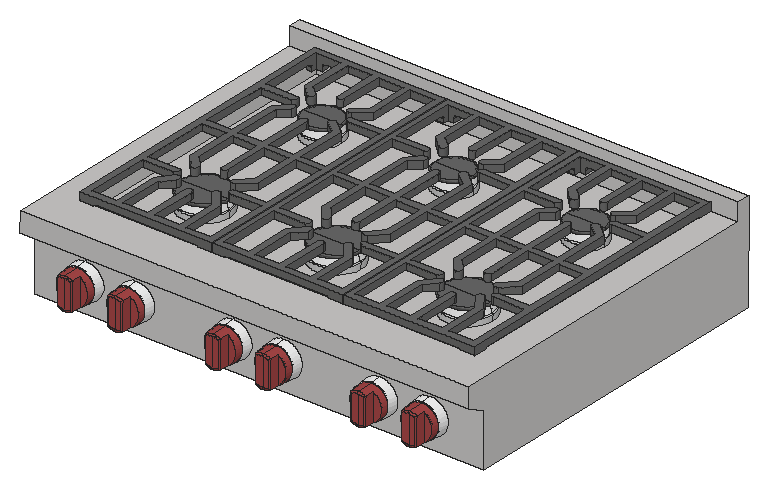
Revit family "M_Fogão de acendimento frontal-900 mm", category Equipamento especial, Revit 2019
Family settings
  Cota do conector redondo = Utilizar diâmetro
  Tipo de parte = Normal
  Número OmniClass = 23.40.40.14
  Título OmniClass = Food Service Equipment
  Com base no plano de trabalho = Não
  Sempre na vertical = Sim
  Corte com vazios quando carregada = Não
  Compartilhado = Não
  Ponto de cálculo do ambiente = Não
Parameters (values of type "Queimadores")
  Largura = 900 mm
  Deslocamento de parede = 0 mm
  Voltagem = 120 V
  Type Comments = ""
  Acabamento da moldura = Eletrodoméstico – Cromado
  Mostrar legenda = yes
  Consumo de energia = 500 VA
  Legenda = "Acendimento frontal"
  Deslocamento do botão = if((Queimadores centrais), 50 mm, 0 mm)  # 50 mm
  Botão = Eletrodoméstico – Plástico – Vermelho
  Altura = 200 mm
  Chapa = Eletrodoméstico – Aço inoxidável – Escovado
  Largura da grelha = (Largura - 108 mm) / 3  # 264 mm
  Profundidade da grelha = Linear - 109.438 mm  # 590.562 mm
  Descrição = "Acendimento frontal"
  Linear = 700 mm
  Grelha central = M_Superfície do fogão : M_Queimadores
  Queimadores centrais = yes
  Queimador = Eletrodoméstico – Tampa do queimador
  Código de montagem = "E1090320"
  Acabamento do eletrodoméstico = Eletrodoméstico – Aço inoxidável – Semipolido
  Amperagem = Consumo de energia / Voltagem  # 4.16667 A
Types (3, lengths in mm): name | Deslocamento do botão | Profundidade da grelha | Linear | Grelha central | Queimadores centrais
  Queimadores | 50 | 590.562 | 700 | M_Superfície do fogão : M_Queimadores | yes
  Chapa | 0 | 590.55 | 699.988 | M_Superfície do fogão : M_Chapa | no
  Grelhador | 0 | 590.562 | 700 | M_Superfície do fogão : M_Grelhador | no
Reference planes
  plane 1 "Parte posterior": y = 0
  plane 2: z = 0
  plane 3 "Centro (Esquerda/Direita)": x = 0
  plane 4 "Esquerda": x = -450
  plane 5 "Direita": x = 450
  plane 6: y = 0
  plane 7 "Aresta": y = -700
  plane 8 "Traseira da porta": y = -616
  plane 9 "Superior": z = 200
  plane 10 "Queimador": z = 165
  plane 11 "Botões": z = 59.431
  plane 12 "Face da porta": y = -664
  plane 13 "Rodas": y = -120
  plane 14: x = 394.438
  plane 15 "3": x = -397.612
  plane 16: x = -450
  plane 17: x = -50
  plane 18: x = -346.812
  plane 19: x = -245.212
  plane 20: x = 343.638
  plane 21: x = 242.038
  plane 22: z = 133.06
  plane 23: x = -450
  plane 24: x = 0
  plane 25: y = -954
  plane 26 "1": x = -133.596
  plane 27 "2": x = 130.421
  plane 28: y = -63.5
  plane 29: x = 335.7
  plane 30: x = 272.2
Forms (mm)
  Extrusion 1, void
    sketch origin (0, 0, 200) x (-1, 0, 0) y (0, -1, 0)
      loop
        line (397.612, 25.4) -> (397.612, 616) -> (-394.438, 616) -> (-394.438, 25.4) -> (397.612, 25.4)
    from 0 to -66.94
  Extrusion 2, solid, material "Eletrodoméstico – Aço inoxidável – Semipolido" <- "Acabamento do eletrodoméstico"
    sketch origin (0, 0, 0) x (0, 1, 0) y (0, 0, 1)
      loop
        line (-25.4, 200) -> (-25.4, 165) -> (-700, 165) -> (-700, 125) -> (-664, 105) -> (-664, 0) -> (0, 0) -> (0, 200) -> (-25.4, 200)
    from -450 to 450
Cuts and joins
  Extrusion 1 cuts Extrusion 2
Lines and regions (mm)
  Split face 1
    outline origin (450, 0, 0) x (-1, 0, 0) y (0, 0, 1)
      loop
        circle (144.729, 120) r 12.7
  Split face 2
    outline origin (450, 0, 0) x (-1, 0, 0) y (0, 0, 1)
      loop
        circle (233.045, 120) r 12.7
  Split face 3
    outline origin (450, -664, 0) x (0, 1, 0) y (-1, 0, 0)
      loop
        circle (600.5, 106.362) r 6.35
  Split face 4
    outline origin (450, -664, 0) x (0, 1, 0) y (-1, 0, 0)
      loop
        circle (600.5, 177.8) r 6.35
Dimensions and locks
  equal spacing: plane 4 "Esquerda", plane 3 "Centro (Esquerda/Direita)", plane 5 "Direita"
  "Largura": plane 4 "Esquerda" to plane 5 "Direita"
  "Linear": plane 6 to plane 7 "Aresta"
  "Deslocamento de parede": plane 1 "Parte posterior" to plane 6
  locked: plane 8 "Traseira da porta" to plane 7 "Aresta" at 84
  locked: plane 9 "Superior" to plane 10 "Queimador" at 35
  locked: plane 10 "Queimador" to plane 11 "Botões" at 105.569
  locked: plane 6 to Extrusion 2 sketch curve at 25.4
  plane 6 to Extrusion 1 sketch curve = 25.4 mm
  locked: plane 7 "Aresta" to plane 12 "Face da porta" at 36
  plane 6 to plane 13 "Rodas" = 120 mm
  locked: plane 14 to plane 5 "Direita" at 55.562
  plane 4 "Esquerda" to plane 15 "3" = 52.388 mm
  "Largura": plane 5 "Direita" to plane 16
  plane 15 "3" to plane 17 to plane 14 = 347.612 mm, 444.438 mm
  locked: plane 9 "Superior" to plane 22 at 66.94
  equal spacing: plane 4 "Esquerda", plane 23, plane 16
  equal spacing: plane 16, plane 24, plane 5 "Direita"
  locked: plane 7 "Aresta" to plane 25 at 254
  plane 15 "3" to plane 26 "1" to plane 14 = 264.017 mm, 528.033 mm  (x2)
  plane 18 to plane 19 = 101.6 mm
  equal spacing: plane 15 "3", plane 26 "1", plane 27 "2", plane 14
  locked: plane 23 to plane 15 "3" at 52.388
  "Altura": plane 9 "Superior" to plane 2
  plane 19 to plane 18 to plane 15 "3" = 101.6 mm locked, 50.8 mm locked
  plane 14 to plane 20 to plane 21 = 50.8 mm locked, 101.6 mm locked
  "Deslocamento do botão": plane 3 "Centro (Esquerda/Direita)" to plane 17
  locked: nested 3 to plane 3 "Centro (Esquerda/Direita)" at 50.8
  locked: plane 6 to plane 28 at 63.5
  locked: plane 29 to plane 5 "Direita" at 114.3
  locked: plane 30 to plane 29 at 63.5
  radius of Split face 3 sketch curve = 6.35 mm
  radius of Split face 4 sketch curve = 6.35 mm
  aligned and locked: plane 2 to level
  aligned and locked: plane 9 "Superior" to Extrusion 2 sketch curve
  aligned and locked: plane 5 "Direita" to Extrusion 2
  aligned and locked: Extrusion 2 to plane 4 "Esquerda"
  aligned and locked: Extrusion 2 sketch curve to plane 12 "Face da porta"
  aligned and locked: plane 7 "Aresta" to Extrusion 2 sketch curve
  aligned and locked: plane 10 "Queimador" to Extrusion 2 sketch curve
  aligned and locked: Extrusion 2 sketch curve to plane 6
  aligned and locked: plane 12 "Face da porta" to nested 2
  aligned and locked: plane 12 "Face da porta" to nested 3
  aligned and locked: plane 12 "Face da porta" to nested 4
  aligned and locked: nested 2 to plane 11 "Botões"
  aligned and locked: nested 3 to plane 11 "Botões"
  aligned and locked: nested 4 to plane 11 "Botões"
  aligned and locked: plane 12 "Face da porta" to nested 5
  aligned and locked: nested 5 to plane 11 "Botões"
  aligned and locked: plane 15 "3" to Extrusion 1 sketch curve
  aligned and locked: Extrusion 1 sketch curve to plane 14
  aligned and locked: nested 6 to plane 8 "Traseira da porta"
  aligned and locked: nested 7 to plane 11 "Botões"
  aligned and locked: nested 8 to plane 11 "Botões"
  aligned and locked: nested 8 to plane 12 "Face da porta"
  aligned and locked: nested 7 to plane 12 "Face da porta"
  aligned and locked: plane 18 to nested 5
  aligned and locked: plane 19 to nested 4
  aligned and locked: plane 20 to nested 7
  aligned and locked: plane 21 to nested 2
  aligned and locked: plane 22 to nested 6
  aligned and locked: nested 1 to plane 25
  aligned and locked: nested 6 to plane 15 "3"
  aligned and locked: plane 26 "1" to nested 9
  aligned and locked: plane 27 "2" to nested 10
  aligned and locked: plane 8 "Traseira da porta" to nested 9
  aligned and locked: plane 8 "Traseira da porta" to nested 10
  aligned and locked: plane 22 to nested 9
  aligned and locked: plane 22 to nested 10
  aligned and locked: plane 3 "Centro (Esquerda/Direita)" to nested 1
  aligned and locked: cut or joined group of Extrusion 1, Extrusion 2 to plane 2
  aligned and locked: plane 17 to nested 8
Automatic sketch dimensions
  Extrusion 1 sketch curve to plane 8 "Traseira da porta" = 0 mm
  Extrusion 2 sketch curve to plane 10 "Queimador" = 60 mm
  Extrusion 2 sketch curve to Extrusion 2 sketch curve = 40 mm
  Split face 1 sketch curve to cut or joined group of Extrusion 1, Extrusion 2 = 144.729 mm
  Split face 1 sketch curve to cut or joined group of Extrusion 1, Extrusion 2 = 120 mm
  Split face 2 sketch curve to cut or joined group of Extrusion 1, Extrusion 2 = 233.045 mm
  Split face 2 sketch curve to cut or joined group of Extrusion 1, Extrusion 2 = 120 mm
  level to Extrusion 2 sketch curve = 0 mm
  Split face 3 sketch curve to cut or joined group of Extrusion 1, Extrusion 2 = 63.5 mm
  Split face 3 sketch curve to cut or joined group of Extrusion 1, Extrusion 2 = 106.362 mm
  Split face 4 sketch curve to cut or joined group of Extrusion 1, Extrusion 2 = 63.5 mm
  Split face 4 sketch curve to cut or joined group of Extrusion 1, Extrusion 2 = 177.8 mm
  radius of Split face 1 sketch curve = 12.7 mm
  radius of Split face 2 sketch curve = 12.7 mm
Nested families
  nested 1: "Anotação de legenda de 2,5" at (0, -954, 0), visible <- "Mostrar legenda", type "Anotação de legenda de 2,5"
  nested 2: "M_Botão" at (242.038, -664, 59.431), type "M_Botão", detail levels medium+fine
  nested 3: "M_Botão" at (50.8, -664, 59.431), visible <- "Queimadores centrais", type "M_Botão", detail levels medium+fine
  nested 4: "M_Botão" at (-245.212, -664, 59.431), type "M_Botão", detail levels medium+fine
  nested 5: "M_Botão" at (-346.812, -664, 59.431), type "M_Botão", detail levels medium+fine
  nested 6: "M_Superfície do fogão" at (-265.444, -320.719, 133.06), type "M_Queimadores"
    with Mostrar grelha yes, Mostrar base no, Tem grelhador no, Extensão direita da chapa 3 mm, Extensão esquerda da chapa 3 mm, Profundidade da grelha 590.562 mm, Tem queimadores yes, Mostrar queimadores yes
  nested 7: "M_Botão" at (343.638, -664, 59.431), type "M_Botão", detail levels medium+fine
  nested 8: "M_Botão" at (-50, -664, 59.431), type "M_Botão", detail levels medium+fine
  nested 9: "M_Superfície do fogão" at (-1.427, -320.719, 133.06), type <- "Grelha central", type "M_Queimadores"
    with Mostrar grelha yes, Mostrar base no, Tem grelhador no, Extensão direita da chapa 3 mm, Extensão esquerda da chapa 3 mm, Profundidade da grelha 590.562 mm, Tem queimadores yes, Mostrar queimadores yes
  nested 10: "M_Superfície do fogão" at (262.59, -320.719, 133.06), type "M_Queimadores"
    with Mostrar grelha yes, Mostrar base no, Tem grelhador no, Extensão direita da chapa 3 mm, Extensão esquerda da chapa 3 mm, Profundidade da grelha 590.562 mm, Tem queimadores yes, Mostrar queimadores yes
Connectors
  electrical at (343.638, -63.5, 0), driven by "Voltagem", driven by "Consumo de energia"
    settings: on cut or joined group of Extrusion 1, Extrusion 2, index 1, voltage 120 V, apparent load 500 VA, apparent load phase1 0 VA, apparent load phase2 0 VA, apparent load phase3 0 VA, power factor 1, load classification "Eletrodoméstico", number of poles 1, system type 30, power factor state 1, is connector primary yes, connector utility no, sub classification motor no, connector description "Potência do fogão de acendimento frontal"
  piping at (272.2, -63.5, 0), diameter 12.7
    settings: on cut or joined group of Extrusion 1, Extrusion 2, index 2, connector inside diameter 609.6 mm, connector length 0 mm, flow factor 0, pipe flow 0.0 L/s, pressure drop 0.0 Pa, fitting loss kfactor 0, connector angle 0.00°, fixture units 0, engagement length 0 mm, angle of deflection 0.00°, flow configuration 1, flow direction 1, fitting loss method 0, system type 22, joint type 0, gender type 0, connector reference index -1, connector utility 0, adjustable connector no, is connector primary yes, connector description "Fogão a gás de acendimento frontal"
Definition of nested family "M_Botão"
  Parameters (values of type "Botão")
    Material = none
    Material da moldura = none
  Reference planes
    plane 1 "Centro (Frente/Trás)": y = 0
    plane 2: z = 0
    plane 3 "Centro (Esquerda/Direita)": x = 0
    plane 4: y = -35
    plane 5: y = -55
  Forms (mm)
    Revolve 1, solid, material <- "Material"
      sketch origin (0, 0, 0) x (0, 1, 0) y (0, 0, 1)
        loop
          line (0, 35) -> (-20, 33) -> (-20, 32) -> (-52.687, 31.066)
          arc (-52.687, 31.066) -> (-54.326, 30.345) -> (-55, 28.686) r 2.381
          line (-55, 28.686) -> (-55, 0) -> (0, 0) -> (0, 35)
        axis (0, 0) -> (-55, 0)
      angle from 0 to 360
    Extrusion 2, void
      sketch origin (0, 0, 0) x (1, 0, 0) y (0, 1, 0)
        loop
          line (31.571, -35) -> (15, -35) -> (15, -52.619)
          arc (15, -52.619) -> (14.303, -54.303) -> (12.619, -55) r 2.381
          line (12.619, -55) -> (31.571, -55) -> (31.571, -35)
        loop
          line (-31.571, -35) -> (-31.571, -55) -> (-12.619, -55)
          arc (-12.619, -55) -> (-14.303, -54.303) -> (-15, -52.619) r 2.381
          line (-15, -52.619) -> (-15, -35) -> (-31.571, -35)
      from -34.753 to 36.709
  Cuts and joins
    Extrusion 2 cuts Revolve 1
  Dimensions and locks
    plane 5 to plane 4 to plane 1 "Centro (Frente/Trás)" = 20 mm locked, 35 mm locked
    aligned and locked: plane 2 to level
    aligned and locked: Revolve 1 sketch curve to level
    aligned and locked: plane 4 to Extrusion 2 sketch curve
    aligned and locked: Extrusion 2 sketch curve to plane 5
Definition of nested family "M_Superfície do fogão"
  Parameters (values of type "Grelhador")
    Mostrar grelha = no
    Mostrar base = yes
    Tem grelhador = yes
    Tem chapa = no
    Extensão direita da chapa = 30 mm
    Extensão esquerda da chapa = 20 mm
    Chapa = none
    Largura da grelha = 264 mm
    Espessura da grelha = 12.5 mm
    Profundidade da grelha = 590 mm
    Grelha = none
    Queimador = none
    Tem queimadores = no
    Mostrar queimadores = no
  Types (3, lengths in mm): name | Mostrar grelha | Mostrar base | Tem grelhador | Tem chapa | Extensão direita da chapa | Extensão esquerda da chapa | Espessura da grelha | Tem queimadores | Mostrar queimadores
    Queimadores | yes | no | no | no | 3 | 3 | 12.5 | yes | yes
    Grelhador | no | yes | yes | no | 30 | 20 | 12.5 | no | no
    Chapa | no | no | no | yes | 3 | 3 | 14.484 | no | no
  Reference planes
    plane 1 "Centro (Frente/Trás)": y = 0
    plane 2 "Inferior": z = 0
    plane 3 "Centro (Esquerda/Direita)": x = -0.169
    plane 4 "Queimador T.O.": z = 34.091
    plane 5 "Queimador posterior": y = 147.5
    plane 6 "Queimador frontal": y = -147.5
    plane 7: z = 61.94
    plane 8 "Grelha B.O.": z = 0
    plane 9 "Painel T.O.": z = 19.5
    plane 10 "Parte posterior": y = 295
    plane 11 "Parte frontal": y = -295
    plane 12 "Esquerda": x = -132.169
    plane 13 "Direita": x = 131.831
    plane 14 "Parte inferior da superfície": z = 47.709
    plane 15: x = -69.344
    plane 16: x = 56.306
    plane 17: x = 119.131
    plane 18: x = -119.469
    plane 19: y = 280.712
    plane 20: y = 153.85
    plane 21: y = 6.35
    plane 22: y = -6.35
    plane 23: y = -280.712
    plane 24: x = -56.644
    plane 25: x = 69.006
    plane 26: x = -6.916
    plane 27: x = 6.181
    plane 28: y = 141.15
    plane 29: y = -141.15
    plane 30: y = -153.85
    plane 31: x = -112.169
    plane 32: x = 101.831
  Forms (mm)
    Extrusion 1, void
      sketch origin (433.841, 349.972, -848.839) x (1, 0, 0) y (0, 0, 1)
        loop
          arc (-327.41, 876.58) -> (-329.27, 881.07) -> (-333.76, 882.93) r 6.35
          line (-333.76, 882.93) -> (-534.26, 882.93)
          arc (-534.26, 882.93) -> (-538.75, 881.07) -> (-540.61, 876.58) r 6.35
          line (-540.61, 876.58) -> (-540.61, 868.339) -> (-327.41, 868.339) -> (-327.41, 876.58)
      from 54.697 to 694.851
    Extrusion 2, void
      sketch origin (433.841, 349.972, -848.839) x (0, 1, 0) y (0, 0, 1)
        loop
          arc (-80.372, 876.58) -> (-82.232, 881.07) -> (-86.722, 882.93) r 6.35
          line (-86.722, 882.93) -> (-613.222, 882.93)
          arc (-613.222, 882.93) -> (-617.712, 881.07) -> (-619.572, 876.58) r 6.35
          line (-619.572, 876.58) -> (-619.572, 868.339) -> (-80.372, 868.339) -> (-80.372, 876.58)
      from -566.01 to -302.01
    Revolve 3, solid, material <- "Queimador", visible <- "Mostrar queimadores"
      sketch origin (1.587, 147.5, -848.839) x (1, 0, 0) y (0, 0, 1)
        loop
          line (-1.756, 848.839) -> (-1.756, 882.247) -> (-39.029, 882.247)
          arc (-39.029, 882.247) -> (-40.942, 880.334) -> (-39.029, 878.422) r 1.913
          line (-39.029, 878.422) -> (-36.225, 878.422) -> (-38.898, 862.695) -> (-40.825, 860.127) -> (-40.825, 848.839) -> (-1.756, 848.839)
        axis (-1.756, 882.247) -> (-1.756, 848.839)
      angle from 0 to 360
    Revolve 4, solid, material <- "Queimador", visible <- "Mostrar queimadores"
      sketch origin (0, -147.5, -848.839) x (1, 0, 0) y (0, 0, 1)
        loop
          line (-0.169, 848.839) -> (-0.169, 882.247) -> (-48.158, 882.247)
          arc (-48.158, 882.247) -> (-50.07, 880.334) -> (-48.158, 878.422) r 1.913
          line (-48.158, 878.422) -> (-45.353, 878.422) -> (-48.026, 862.695) -> (-49.953, 860.127) -> (-49.953, 848.839) -> (-0.169, 848.839)
        axis (-0.169, 882.247) -> (-0.169, 848.839)
      angle from 0 to 360
    Extrusion 5, solid, material <- "Grelha", visible <- "Mostrar base", detail levels medium+fine
      sketch origin (0, 0, 19.5) x (-1, 0, 0) y (0, -1, 0)
        loop
          line (132.169, -295) -> (132.169, 295) -> (-131.831, 295) -> (-131.831, -295) -> (132.169, -295)
        loop
          line (111.335, -274.166) -> (111.335, 274.166) -> (-111.194, 274.166) -> (-111.194, -274.166) -> (111.335, -274.166)
      from 0 to 28.209
    Extrusion 6, solid, material <- "Grelha", visible <- "Tem grelhador"
      sketch origin (0, 0, 0) x (1, 0, 0) y (0, 0, 1)
        loop
          line (-132.169, 47.709) -> (-121.329, 47.709) -> (-121.329, 57.45) -> (-125.819, 61.94) -> (-132.169, 61.94) -> (-132.169, 47.709)
        loop
          line (3.712, 47.709) -> (3.712, 61.94) -> (-4.05, 61.94) -> (-4.05, 47.709) -> (3.712, 47.709)
        loop
          line (-11.812, 47.709) -> (-11.812, 61.94) -> (-19.575, 61.94) -> (-19.575, 47.709) -> (-11.812, 47.709)
        loop
          line (-27.337, 47.709) -> (-27.337, 61.94) -> (-35.099, 61.94) -> (-35.099, 47.709) -> (-27.337, 47.709)
        loop
          line (-42.862, 47.709) -> (-42.862, 61.94) -> (-50.624, 61.94) -> (-50.624, 47.709) -> (-42.862, 47.709)
        loop
          line (-58.386, 47.709) -> (-58.386, 61.94) -> (-66.148, 61.94) -> (-66.148, 47.709) -> (-58.386, 47.709)
        loop
          line (-73.911, 47.709) -> (-73.911, 61.94) -> (-81.673, 61.94) -> (-81.673, 47.709) -> (-73.911, 47.709)
        loop
          line (-89.435, 47.709) -> (-89.435, 61.94) -> (-97.198, 61.94) -> (-97.198, 47.709) -> (-89.435, 47.709)
        loop
          line (-104.96, 47.709) -> (-104.96, 61.94) -> (-112.722, 61.94) -> (-112.722, 47.709) -> (-104.96, 47.709)
        loop
          line (131.831, 47.709) -> (131.831, 61.94) -> (125.481, 61.94) -> (120.991, 57.45) -> (120.991, 47.709) -> (131.831, 47.709)
        loop
          line (11.474, 47.709) -> (19.237, 47.709) -> (19.237, 61.94) -> (11.474, 61.94) -> (11.474, 47.709)
        loop
          line (26.999, 47.709) -> (34.761, 47.709) -> (34.761, 61.94) -> (26.999, 61.94) -> (26.999, 47.709)
        loop
          line (42.524, 47.709) -> (50.286, 47.709) -> (50.286, 61.94) -> (42.524, 61.94) -> (42.524, 47.709)
        loop
          line (58.048, 47.709) -> (65.81, 47.709) -> (65.81, 61.94) -> (58.048, 61.94) -> (58.048, 47.709)
        loop
          line (73.573, 47.709) -> (81.335, 47.709) -> (81.335, 61.94) -> (73.573, 61.94) -> (73.573, 47.709)
        loop
          line (89.097, 47.709) -> (96.86, 47.709) -> (96.86, 61.94) -> (89.097, 61.94) -> (89.097, 47.709)
        loop
          line (104.622, 47.709) -> (112.384, 47.709) -> (112.384, 61.94) -> (104.622, 61.94) -> (104.622, 47.709)
      from -295 to 295
    Extrusion 7, solid, material <- "Chapa", visible <- "Tem chapa"
      sketch origin (0, 0, 19.5) x (-1, 0, 0) y (0, -1, 0)
        loop
          line (132.169, -295) -> (132.169, 295) -> (-131.831, 295) -> (-131.831, -295) -> (132.169, -295)
      from 0 to 42.44
    Extrusion 8, void
      sketch origin (-0.169, 0, 0) x (0, 1, 0) y (0, 0, 1)
        loop
          line (291.825, 61.94) -> (-291.825, 61.94) -> (-291.825, 34.091) -> (-247.375, 34.091) -> (-247.375, 47.709) -> (291.825, 47.709) -> (291.825, 61.94)
      from -112 to 102
    Extrusion 9, solid, material <- "Grelha", visible <- "Mostrar grelha", detail levels fine
      sketch origin (0, 0, 19.5) x (-1, 0, 0) y (0, -1, 0)
        loop
          line (132.169, -295) -> (132.169, 295) -> (-131.831, 295) -> (-131.831, -295) -> (132.169, -295)
        loop
          line (119.469, -280.712) -> (119.469, -153.85) -> (56.644, -153.85)
          arc (56.644, -153.85) -> (50.294, -147.5) -> (56.644, -141.15) r 6.35
          line (56.644, -141.15) -> (119.469, -141.15) -> (119.469, -6.35) -> (69.344, -6.35) -> (69.344, -106.029) -> (47.166, -127.936)
          arc (47.166, -127.936) -> (37.063, -127.936) -> (37.063, -117.833) r 7.144
          line (37.063, -117.833) -> (56.644, -100.11) -> (56.644, -6.35) -> (6.916, -6.35) -> (6.916, -100.995)
          arc (6.916, -100.995) -> (0.367, -107.544) -> (-6.181, -100.995) r 6.548
          line (-6.181, -100.995) -> (-6.181, -6.35) -> (-56.306, -6.35) -> (-56.306, -100.11) -> (-33.55, -117.833)
          arc (-33.55, -117.833) -> (-33.55, -127.936) -> (-43.653, -127.936) r 7.144
          line (-43.653, -127.936) -> (-69.006, -106.029) -> (-69.006, -6.35) -> (-119.327, -6.35) -> (-119.327, -141.15) -> (-56.306, -141.15)
          arc (-56.306, -141.15) -> (-49.956, -147.5) -> (-56.306, -153.85) r 6.35
          line (-56.306, -153.85) -> (-119.327, -153.85) -> (-119.327, -280.712) -> (-69.006, -280.712) -> (-69.006, -188.971) -> (-43.653, -167.064)
          arc (-43.653, -167.064) -> (-33.55, -167.064) -> (-33.55, -177.167) r 7.144
          line (-33.55, -177.167) -> (-56.306, -194.89) -> (-56.306, -280.712) -> (-6.181, -280.712) -> (-6.181, -194.005)
          arc (-6.181, -194.005) -> (0.367, -187.456) -> (6.916, -194.005) r 6.548
          line (6.916, -194.005) -> (6.916, -280.712) -> (56.644, -280.712) -> (56.644, -194.89) -> (37.063, -177.167)
          arc (37.063, -177.167) -> (37.063, -167.064) -> (47.166, -167.064) r 7.144
          line (47.166, -167.064) -> (69.344, -188.971) -> (69.344, -280.712) -> (119.469, -280.712)
        loop
          line (119.469, 280.909) -> (69.344, 280.909) -> (69.344, 187.698) -> (47.166, 160.757)
          arc (47.166, 160.757) -> (37.063, 160.757) -> (37.063, 170.86) r 7.144
          line (37.063, 170.86) -> (56.644, 193.616) -> (56.644, 280.909) -> (6.916, 280.909) -> (6.916, 187.698)
          arc (6.916, 187.698) -> (0.367, 181.149) -> (-6.181, 187.698) r 6.548
          line (-6.181, 187.698) -> (-6.181, 280.909) -> (-56.306, 280.909) -> (-56.306, 199.652) -> (-33.55, 170.86)
          arc (-33.55, 170.86) -> (-33.55, 160.757) -> (-43.653, 160.757) r 7.144
          line (-43.653, 160.757) -> (-69.006, 193.734) -> (-69.006, 280.909) -> (-119.327, 280.909) -> (-119.327, 153.85) -> (-56.306, 153.85)
          arc (-56.306, 153.85) -> (-49.956, 147.5) -> (-56.306, 141.15) r 6.35
          line (-56.306, 141.15) -> (-119.327, 141.15) -> (-119.327, 6.35) -> (-69.006, 6.35) -> (-69.006, 97.576) -> (-43.653, 124.516)
          arc (-43.653, 124.516) -> (-33.55, 124.516) -> (-33.55, 114.414) r 7.144
          line (-33.55, 114.414) -> (-56.306, 91.658) -> (-56.306, 6.35) -> (-6.181, 6.35) -> (-6.181, 96.829)
          arc (-6.181, 96.829) -> (0.367, 103.378) -> (6.916, 96.829) r 6.548
          line (6.916, 96.829) -> (6.916, 6.35) -> (56.644, 6.35) -> (56.644, 91.658) -> (37.063, 114.414)
          arc (37.063, 114.414) -> (37.063, 124.516) -> (47.166, 124.516) r 7.144
          line (47.166, 124.516) -> (69.344, 97.576) -> (69.344, 6.35) -> (119.469, 6.35) -> (119.469, 141.15) -> (56.644, 141.15)
          arc (56.644, 141.15) -> (50.294, 147.5) -> (56.644, 153.85) r 6.35
          line (56.644, 153.85) -> (119.469, 153.85) -> (119.469, 280.909)
      from 0 to 28.209
  Cuts and joins
    Extrusion 1, Extrusion 2, Extrusion 8 cuts Extrusion 5
    Extrusion 8 cuts Extrusion 7
    Extrusion 1, Extrusion 2 cuts Extrusion 9
  Dimensions and locks
    equal spacing: plane 10 "Parte posterior", plane 5 "Queimador posterior", plane 1 "Centro (Frente/Trás)", plane 6 "Queimador frontal", plane 11 "Parte frontal"
    "Profundidade da grelha": plane 10 "Parte posterior" to plane 11 "Parte frontal"
    equal spacing: plane 12 "Esquerda", plane 3 "Centro (Esquerda/Direita)", plane 13 "Direita"
    "Largura da grelha": plane 12 "Esquerda" to plane 13 "Direita"
    locked: plane 7 to plane 14 "Parte inferior da superfície" at 14.231
    locked: Extrusion 5 sketch curve to plane 11 "Parte frontal" at 20.834
    locked: plane 10 "Parte posterior" to Extrusion 5 sketch curve at 20.834
    locked: Extrusion 5 sketch curve to plane 13 "Direita" at 20.637
    locked: plane 12 "Esquerda" to Extrusion 5 sketch curve at 20.834
    locked: plane 12 "Esquerda" to Extrusion 6 sketch curve at 19.447
    locked: Extrusion 6 sketch curve to plane 13 "Direita" at 19.447
    equal spacing: Extrusion 6 sketch curve, Extrusion 6 sketch curve, Extrusion 6 sketch curve, Extrusion 6 sketch curve, Extrusion 6 sketch curve, Extrusion 6 sketch curve, Extrusion 6 sketch curve, Extrusion 6 sketch curve, Extrusion 6 sketch curve, Extrusion 6 sketch curve, Extrusion 6 sketch curve, Extrusion 6 sketch curve, Extrusion 6 sketch curve, Extrusion 6 sketch curve, Extrusion 6 sketch curve, Extrusion 6 sketch curve, Extrusion 6 sketch curve, Extrusion 6 sketch curve, Extrusion 6 sketch curve, Extrusion 6 sketch curve, Extrusion 6 sketch curve, Extrusion 6 sketch curve, Extrusion 6 sketch curve, Extrusion 6 sketch curve, Extrusion 6 sketch curve, Extrusion 6 sketch curve, Extrusion 6 sketch curve, Extrusion 6 sketch curve, Extrusion 6 sketch curve, Extrusion 6 sketch curve
    locked: plane 10 "Parte posterior" to Extrusion 8 sketch curve at 3.175
    locked: Extrusion 8 sketch curve to plane 11 "Parte frontal" at 3.175
    plane 12 "Esquerda" to cut or joined group of Extrusion 7, Extrusion 8 = 20 mm
    cut or joined group of Extrusion 7, Extrusion 8 to plane 13 "Direita" = 30 mm
    locked: plane 15 to plane 24 at 12.7
    locked: plane 16 to plane 25 at 12.7
    plane 26 to plane 27 = 13.097 mm  (x2)
    plane 29 to plane 6 "Queimador frontal" to plane 30 = 6.35 mm locked, 6.35 mm locked
    plane 21 to plane 1 "Centro (Frente/Trás)" to plane 22 = 6.35 mm locked, 6.35 mm locked
    plane 20 to plane 5 "Queimador posterior" to plane 28 = 6.35 mm locked, 6.35 mm locked
    locked: plane 12 "Esquerda" to Extrusion 1 sketch curve at 25.4
    locked: Extrusion 1 sketch curve to plane 13 "Direita" at 25.4
    locked: plane 10 "Parte posterior" to Extrusion 2 sketch curve at 25.4
    locked: Extrusion 2 sketch curve to plane 11 "Parte frontal" at 25.4
    "Extensão esquerda da chapa": plane 12 "Esquerda" to plane 31
    "Extensão direita da chapa": plane 32 to plane 13 "Direita"
    locked: plane 17 to plane 13 "Direita" at 12.7
    locked: plane 12 "Esquerda" to plane 18 at 12.7
    equal spacing: plane 18, plane 24, plane 27, plane 25, plane 13 "Direita"
    locked: plane 10 "Parte posterior" to plane 19 at 14.288
    locked: plane 23 to plane 11 "Parte frontal" at 14.288
    locked: cut or joined group of Extrusion 7, Extrusion 8 to plane 11 "Parte frontal" at 47.625
    plane 12 "Esquerda" to plane 3 "Centro (Esquerda/Direita)" = 132 mm
    plane 3 "Centro (Esquerda/Direita)" to plane 13 "Direita" = 132 mm
    aligned and locked: Revolve 4 to plane 8 "Grelha B.O."
    aligned and locked: Revolve 3 to plane 8 "Grelha B.O."
    aligned and locked: Revolve 4 sketch curve to plane 3 "Centro (Esquerda/Direita)"
    aligned and locked: Revolve 3 sketch curve to plane 3 "Centro (Esquerda/Direita)"
    aligned and locked: plane 9 "Painel T.O." to Extrusion 2 sketch curve
    aligned and locked: Extrusion 1 sketch curve to plane 9 "Painel T.O."
    aligned and locked: Extrusion 5 sketch curve to plane 10 "Parte posterior"
    aligned and locked: plane 13 "Direita" to Extrusion 5 sketch curve
    aligned and locked: plane 11 "Parte frontal" to Extrusion 5 sketch curve
    aligned and locked: Extrusion 5 sketch curve to plane 12 "Esquerda"
    aligned and locked: Extrusion 5 to plane 9 "Painel T.O."
    aligned and locked: cut or joined group of Extrusion 1, Extrusion 2, Extrusion 5, Extrusion 8 to plane 13 "Direita"
    aligned and locked: plane 12 "Esquerda" to cut or joined group of Extrusion 1, Extrusion 2, Extrusion 5, Extrusion 8
    aligned and locked: Extrusion 1 sketch curve to plane 4 "Queimador T.O."
    aligned and locked: plane 4 "Queimador T.O." to Extrusion 2 sketch curve
    aligned and locked: Extrusion 6 sketch curve to plane 7  (x9)
    aligned and locked: plane 7 to Extrusion 6 sketch curve  (x8)
    aligned and locked: Extrusion 6 sketch curve to plane 14 "Parte inferior da superfície"  (x8)
    aligned and locked: plane 14 "Parte inferior da superfície" to Extrusion 6 sketch curve  (x9)
    aligned and locked: Extrusion 6 sketch curve to plane 12 "Esquerda"
    aligned and locked: Extrusion 6 sketch curve to plane 13 "Direita"
    aligned and locked: plane 10 "Parte posterior" to Extrusion 6
    aligned and locked: Extrusion 7 sketch curve to plane 10 "Parte posterior"
    aligned and locked: Extrusion 7 sketch curve to plane 12 "Esquerda"
    aligned and locked: plane 13 "Direita" to Extrusion 7 sketch curve
    aligned and locked: plane 11 "Parte frontal" to Extrusion 7 sketch curve
    aligned and locked: plane 7 to Extrusion 7
    aligned and locked: Extrusion 8 sketch curve to plane 14 "Parte inferior da superfície"
    aligned and locked: plane 7 to Extrusion 8 sketch curve
    aligned and locked: Extrusion 8 sketch curve to plane 4 "Queimador T.O."
    aligned and locked: cut or joined group of Extrusion 7, Extrusion 8 to plane 9 "Painel T.O."
    aligned and locked: plane 18 to Extrusion 9 sketch curve  (x2)
    aligned and locked: Extrusion 9 sketch curve to plane 19  (x4)
    aligned and locked: plane 13 "Direita" to Extrusion 9 sketch curve
    aligned and locked: Extrusion 9 sketch curve to plane 20
    aligned and locked: plane 20 to Extrusion 9 sketch curve
    aligned and locked: Extrusion 9 sketch curve to plane 28
    aligned and locked: plane 28 to Extrusion 9 sketch curve
    aligned and locked: Extrusion 9 sketch curve to plane 29
    aligned and locked: plane 30 to Extrusion 9 sketch curve
    aligned and locked: plane 29 to Extrusion 9 sketch curve
    aligned and locked: Extrusion 9 sketch curve to plane 30
    aligned and locked: Extrusion 9 to plane 9 "Painel T.O."
    aligned and locked: plane 14 "Parte inferior da superfície" to Extrusion 9
    aligned and locked: plane 32 to Extrusion 8
    aligned and locked: Extrusion 8 to plane 31
    aligned and locked: Extrusion 6 to plane 11 "Parte frontal"
  Automatic sketch dimensions
    Extrusion 2 sketch curve to Extrusion 2 sketch curve = 6.35 mm  (x2)
    Revolve 3 sketch curve to plane 2 "Inferior" = 0 mm
    Revolve 3 sketch curve to plane 3 "Centro (Esquerda/Direita)" = 0 mm
    Revolve 3 sketch curve to plane 4 "Queimador T.O." = 4.508 mm
    Revolve 3 sketch curve to plane 3 "Centro (Esquerda/Direita)" = 34.468 mm
    Revolve 3 sketch curve to plane 9 "Painel T.O." = 5.645 mm
    Revolve 3 sketch curve to Revolve 3 sketch curve = 2.673 mm
    Revolve 3 sketch curve to Revolve 3 sketch curve = 2.804 mm
    Revolve 3 sketch curve to plane 9 "Painel T.O." = 8.213 mm
    Revolve 3 sketch curve to Revolve 3 sketch curve = 1.927 mm
    Revolve 3 sketch curve to Revolve 3 sketch curve = 1.913 mm
    Revolve 3 sketch curve to Revolve 3 sketch curve = 5420.839 mm
    plane 7 to Revolve 3 sketch curve = 3642.171 mm
    Revolve 4 sketch curve to plane 2 "Inferior" = 0 mm
    Revolve 4 sketch curve to plane 3 "Centro (Esquerda/Direita)" = 0 mm
    Revolve 4 sketch curve to plane 4 "Queimador T.O." = 4.508 mm
    Revolve 4 sketch curve to plane 3 "Centro (Esquerda/Direita)" = 45.184 mm
    Revolve 4 sketch curve to plane 9 "Painel T.O." = 5.645 mm
    Revolve 4 sketch curve to Revolve 4 sketch curve = 2.673 mm
    Revolve 4 sketch curve to Revolve 4 sketch curve = 2.804 mm
    Revolve 4 sketch curve to plane 9 "Painel T.O." = 8.213 mm
    Revolve 4 sketch curve to Revolve 4 sketch curve = 1.927 mm
    Revolve 4 sketch curve to Revolve 4 sketch curve = 1.913 mm
    Revolve 4 sketch curve to Revolve 4 sketch curve = 5420.839 mm
    plane 7 to Revolve 4 sketch curve = 3642.171 mm
    Extrusion 6 sketch curve to plane 12 "Esquerda" = 6.35 mm
    Extrusion 6 sketch curve to Extrusion 6 sketch curve = 8.607 mm  (x2)
    Extrusion 6 sketch curve to plane 7 = 4.49 mm  (x2)
    Extrusion 6 sketch curve to Extrusion 6 sketch curve = 6.35 mm
    Extrusion 8 sketch curve to Extrusion 8 sketch curve = 44.45 mm
    Extrusion 9 sketch curve to plane 21 = 0 mm  (x4)
    Extrusion 9 sketch curve to plane 22 = 0 mm  (x4)
    Extrusion 9 sketch curve to plane 25 = 0 mm  (x4)
    Extrusion 9 sketch curve to plane 16 = 0 mm  (x6)
    Extrusion 9 sketch curve to plane 27 = 0 mm  (x4)
    Extrusion 9 sketch curve to plane 26 = 0 mm  (x4)
    Extrusion 9 sketch curve to plane 24 = 0 mm  (x6)
    Extrusion 9 sketch curve to plane 15 = 0 mm  (x4)
    Extrusion 9 sketch curve to plane 18 = 0 mm  (x2)
    Extrusion 9 sketch curve to plane 10 "Parte posterior" = 0 mm
    Extrusion 9 sketch curve to plane 12 "Esquerda" = 0 mm
    Extrusion 9 sketch curve to plane 11 "Parte frontal" = 0 mm
    plane 17 to Extrusion 9 sketch curve = 0.196 mm  (x4)
    Extrusion 9 sketch curve to plane 16 = 12.653 mm  (x4)
    Extrusion 9 sketch curve to Extrusion 9 sketch curve = 5.051 mm  (x24)
    Extrusion 9 sketch curve to plane 24 = 19.581 mm  (x4)
    Extrusion 9 sketch curve to Extrusion 9 sketch curve = 41.04 mm  (x2)
    plane 20 to Extrusion 9 sketch curve = 40.155 mm
    Extrusion 9 sketch curve to Extrusion 9 sketch curve = 5.918 mm  (x8)
    plane 20 to Extrusion 9 sketch curve = 23.317 mm  (x2)
    Extrusion 9 sketch curve to plane 28 = 13.214 mm  (x2)
    Extrusion 9 sketch curve to Extrusion 9 sketch curve = 21.908 mm  (x2)
    Extrusion 9 sketch curve to Extrusion 9 sketch curve = 16.838 mm
    Extrusion 9 sketch curve to Extrusion 9 sketch curve = 49.492 mm  (x2)
    plane 29 to Extrusion 9 sketch curve = 44.321 mm
    plane 29 to Extrusion 9 sketch curve = 26.736 mm  (x2)
    Extrusion 9 sketch curve to plane 30 = 6.907 mm  (x2)
    Extrusion 9 sketch curve to plane 30 = 33.848 mm  (x2)
    Extrusion 9 sketch curve to plane 30 = 39.884 mm
    Extrusion 9 sketch curve to plane 23 = 0.196 mm  (x4)
    Extrusion 1 sketch curve to plane 4 "Queimador T.O." = 6.35 mm
    Extrusion 1 sketch curve to Extrusion 1 sketch curve = 6.35 mm
Definition of nested family "Anotação de legenda de 2,5"
  Parameters
    Legenda = "Congelador 36 LH"
  Reference planes
    plane 1: y = 0
    plane 2: x = 0
  Text (mm)
    label "Legenda" at (0.095, -0.088, 0), shows "Legenda"
